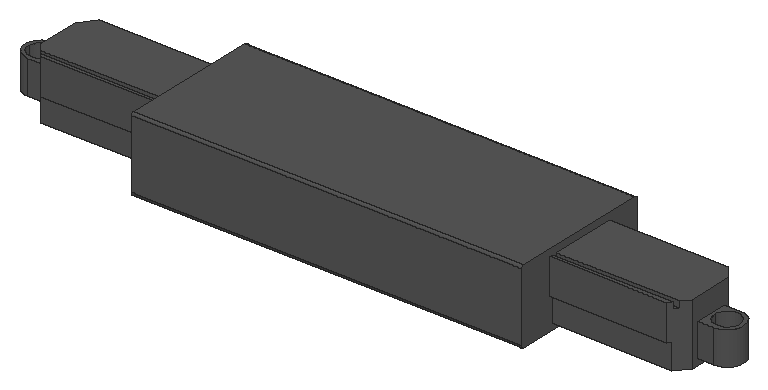
Revit family "Lighting_Other_Nordlux_Link_Double-Adaptor", category Lighting Fixtures, host Face, Revit 2017
Family settings
  Host = Face
  Round Connector Dimension = Use Diameter
  Part Type = Normal
  OmniClass Number = 23.80.70.11.14.21
  OmniClass Title = Spots and Tracklight Specialties
  Cut with Voids When Loaded = No
  Light Source = No
  Shared = No
  Room Calculation Point = No
Parameters (values of type "Link Double Adaptor - black")
  WarrantyStartDate [instance] = "n/a"
  WarrantyGuarantorParts = "n/a"
  WarrantyGuarantorLabor = "n/a"
  WarrantyDurationUnit = "Year"
  WarrantyDurationParts = "n/a"
  WarrantyDurationLabor = "n/a"
  WarrantyDescription = "n/a"
  VersionDate = "29/08/2019"  # constant formula
  Version = "1"  # constant formula
  UsageCurrent = 0 A
  Uniclass2015Reference = "Pr_70_70_48_47"
  Uniclass2015Description = "Lighting tracks"
  Uniclass2 = "Pr_70_70_49_44"
  URL = "https://www.nordlux.com/products/product/79049903"
  Type Comments = ""
  TotalWattage = 0 W
  TagNumber [instance] = "n/a"
  SustainabilityPerformance = "n/a"
  Size = "175x35x18 mm"
  Shape = "Rectangular"
  SerialNumber [instance] = "n/a"
  Revision = "n/a"
  ReplacementCost = "n/a"
  RailMainMaterial = Black
  ProductInformation = "Double power adapter for the electrical connection between two rails."
  Product data url = "https://www.bimobject.com/nordlux/product/link_double_adapt"
  PhaseReference = "n/a"
  PhaseAngle = 0.00°
  NumberOfSources = 0
  NumberOfPoles = 1
  NominalWidth = 174.916 mm
  NominalVoltage = 230 V
  NominalHeight = 18 mm
  NominalFrequencyRange = 0 Hz
  NominalDepth = 35 mm
  NominalCurrent = 0 A
  Name = "Nordlux_Link_Double-Adaptor"
  NBSReference = "90-60-50-430"
  NBSDescription = "Lighting tracks"
  ModelReference = "n/a"
  ModelNumber = ArticleNumber  # "79049903"
  Model = "Link Double Adaptor - black"
  Material = "Plastic"
  ManufacturersSpecificInformation = "n/a"
  ManufacturerURL = "https://www.nordlux.com/"
  ManufacturerName = "Nordlux"
  Manufacturer = "Nordlux"
  MaintenanceFactor = 0
  LightFixturePlacingType = "Ceiling"
  LightFixtureMountingType = "Surface"
  InsulationStandardClass = "Class 1 (Earth contact)"
  InstallationDate [instance] = "n/a"
  IfcExportType = "NOTDEFINED"  # constant formula
  IfcExportAs = "IfcLightFixtureType"  # constant formula
  IP_Code = "IP20"
  HasProtectiveEarth = no
  Grade = "n/a"
  Finish = "n/a"
  Features = "n/a"
  ExpectedLife = "n/a"
  ElectricalDeviceNominalPower = 0 VA
  EAN Number = "5701581357587"
  DurationUnit = "Year"
  Description = "Double power adapter for the electrical connection between two rails."
  Default Elevation = 0 mm
  ConvergoRefNr = "0143-1909-0035-DK"
  Constituents = "n/a"
  Color = "Black"
  CodePerformance = "n/a"
  Category = "Power strip"
  Brand = "Nordlux"
  Barcode [instance] = "n/a"
  BIMObjectName = "Lighting_Other_Nordlux_Link_Double-Adaptor"
  Author = "Convergo AB"  # constant formula
  AssetType = "Fixed"
  AssetIdentifier [instance] = "n/a"
  Assembly Code = ""
  ArticleNumber = "79049903"
  AccessibilityPerformance = "n/a"
Types (3, lengths in mm): name | URL | RailMainMaterial | ModelNumber | Model | EAN Number | Color | ArticleNumber
  (no name) | "https://www.nordlux.com/products/product/79049903" | Black | "79049903" | "Link Double Adaptor - black" | "5701581357587" | "Black" | "79049903"
  Link Double Adaptor - black | "https://www.nordlux.com/products/product/79049903" | Black | "79049903" | "Link Double Adaptor - black" | "5701581357587" | "Black" | "79049903"
  Link Double Adaptor - white | "https://www.nordlux.com/products/product/79049901" | White | "79049901" | "Link Double Adaptor - white" | "5701581357488" | "White" | "79049901"
Reference planes
  plane 1 "Center (Front/Back)": y = 0
  plane 2: z = 0
  plane 3 "Center (Left/Right)": x = 0
  plane 4: x = -87.458
  plane 5: x = 87.458
  plane 6: y = 17.5
  plane 7: y = -17.5
  plane 8: z = 18
Dimensions and locks
  equal spacing: plane 4, plane 3 "Center (Left/Right)", plane 5
  "NominalWidth": plane 4 to plane 5
  equal spacing: plane 6, plane 1 "Center (Front/Back)", plane 7
  "NominalDepth": plane 6 to plane 7
  "NominalHeight": plane 8 to level
  aligned and locked: plane 2 to host face
  aligned and locked: level to host face
Automatic sketch dimensions
  host sketch curve to host sketch curve = 2438.4 mm  (x2)
Nested families
  nested 1: "Double adaptor" at (0, 0, 0), Main <- "RailMainMaterial", type "Double adaptor"
    with Main Black
Definition of nested family "Double adaptor"
  Parameters (values of type "Double adaptor")
    Main [instance] = none
    Default Elevation = 1219.2 mm
  Reference planes
    plane 1 "Center (Front/Back)": y = 0
    plane 2: z = 0
    plane 3 "Center (Left/Right)": x = 0
    plane 4: y = 17.5
    plane 5: y = -17.5
    plane 6: z = 18
    plane 7: x = -87.458
    plane 8: x = 87.458
  Forms (mm)
    Extrusion 1, solid
      sketch origin (0, 0, 0) x (1, 0, 0) y (0, 1, 0)
        loop
          line (-1219.2, 1219.2) -> (-1219.2, -1219.2) -> (1219.2, -1219.2) -> (1219.2, 1219.2) -> (-1219.2, 1219.2)
      from 0 to -304.8
    Extrusion 2, solid, material <- "Main", detail levels medium+fine
      sketch origin (-10.336, -1.251, 0) x (-1, 0, 0) y (0, -1, 0)
        loop
          line (-86.461, -10.5) -> (-57.834, -10.497) -> (-57.834, 7.997) -> (-86.461, 8) -> (-89.695, 4.146) -> (-89.694, -6.647) -> (-86.461, -10.5)
      from 1.528 to 16.5
    Extrusion 3, solid, material <- "Main", detail levels medium+fine
      sketch origin (-10.336, -1.251, 0) x (-1, 0, 0) y (0, -1, 0)
        loop
          line (-89.694, -5.25) -> (-89.694, 2.75) -> (-93.793, 2.75)
          arc (-93.793, 2.75) -> (-97.792, -1.251) -> (-93.792, -5.25) r 4
          line (-93.792, -5.25) -> (-89.694, -5.25)
        loop
          circle (-93.784, -1.251) r 3.132
      from 3.145 to 11.286
    Extrusion 4, void
      sketch origin (-10.336, 0.049, 0) x (0, 1, 0) y (0, 0, -1)
        loop
          line (8.8, -17) -> (9.863, -17) -> (9.863, -13) -> (8.451, -13) -> (8.8, -17)
        loop
          line (-7.344, -15.034) -> (-8.399, -15.034) -> (-8.399, -17.016) -> (-7.344, -17.016) -> (-7.344, -15.034)
        loop
          line (-8.483, -0.82) -> (-9.957, -0.82) -> (-9.957, -7.78) -> (-8.484, -7.78) -> (-8.483, -0.82)
        loop
          line (6.691, -0.997) -> (5.691, -0.997) -> (5.691, -3.001) -> (6.691, -3.001) -> (6.691, -0.997)
      from -122.051 to 5.256
    Extrusion 5, solid, material <- "Main", detail levels coarse
      sketch origin (0, 0, 0) x (1, 0, 0) y (0, 1, 0)
        loop
          line (87.458, 17.5) -> (-87.458, 17.5) -> (-87.458, -17.5) -> (87.458, -17.5) -> (87.458, 17.5)
      from 0 to 18
    Extrusion 6, solid, material <- "Main", detail levels medium+fine
      sketch origin (10.334, -1.251, 0) x (1, 0, 0) y (0, 1, 0)
        loop
          line (-86.461, 10.5) -> (-89.694, 6.647) -> (-89.695, -4.146) -> (-86.461, -8) -> (-57.834, -7.997) -> (-57.834, 10.497) -> (-86.461, 10.5)
      from 1.528 to 16.5
    Extrusion 7, solid, material <- "Main", detail levels medium+fine
      sketch origin (10.334, -1.251, 0) x (1, 0, 0) y (0, 1, 0)
        loop
          line (-89.694, 5.25) -> (-93.792, 5.25)
          arc (-93.792, 5.25) -> (-97.792, 1.251) -> (-93.793, -2.75) r 4
          line (-93.793, -2.75) -> (-89.694, -2.75) -> (-89.694, 5.25)
        loop
          circle (-93.784, 1.251) r 3.132
      from 3.145 to 11.286
    Extrusion 8, void
      sketch origin (10.334, 0.049, 0) x (0, 1, 0) y (0, 0, 1)
        loop
          line (8.8, 17) -> (8.451, 13) -> (9.863, 13) -> (9.863, 17) -> (8.8, 17)
        loop
          line (-7.344, 15.034) -> (-7.344, 17.016) -> (-8.399, 17.016) -> (-8.399, 15.034) -> (-7.344, 15.034)
        loop
          line (-8.483, 0.82) -> (-8.484, 7.78) -> (-9.957, 7.78) -> (-9.957, 0.82) -> (-8.483, 0.82)
        loop
          line (6.691, 0.997) -> (6.691, 3.001) -> (5.691, 3.001) -> (5.691, 0.997) -> (6.691, 0.997)
      from -122.051 to 5.256
    Extrusion 9, solid, material <- "Main", detail levels medium+fine
      sketch origin (0, 0, 0) x (0, 1, 0) y (0, 0, 1)
        loop
          line (16.9, 18) -> (-16.9, 18)
          arc (-16.9, 18) -> (-17.324, 17.824) -> (-17.5, 17.4) r 0.6
          line (-17.5, 17.4) -> (-17.5, 0.6)
          arc (-17.5, 0.6) -> (-17.324, 0.176) -> (-16.9, 0) r 0.6
          line (-16.9, 0) -> (16.9, 0)
          arc (16.9, 0) -> (17.324, 0.176) -> (17.5, 0.6) r 0.6
          line (17.5, 0.6) -> (17.5, 17.4)
          arc (17.5, 17.4) -> (17.324, 17.824) -> (16.9, 18) r 0.6
      from -47.5 to 47.5
  Cuts and joins
    Extrusion 4, Extrusion 8 cuts Extrusion 2
    Extrusion 8 cuts Extrusion 6
  Lines and regions (mm)
    symbolic lines, detail levels medium+fine
      curve 1: line (47.5, -17.5, 0) -> (47.5, -7.193, 0)
      curve 2: line (77.851, -7.193, 0) -> (79.358, -5.396, 0)
      curve 4: line (79.358, -3.999, 0) -> (83.456, -4, 0)
      curve 5: arc (83.456, -4, 0) -> (87.457, 0, 0) -> (83.457, 4, 0) r 4
      curve 6: line (83.457, 4, 0) -> (79.359, 4.001, 0)
      curve 8: line (77.766, 7.295, 0) -> (79.359, 5.397, 0)
      curve 9: line (79.359, 4.001, 0) -> (79.359, 5.397, 0)
      curve 10: line (79.358, -3.999, 0) -> (79.358, -5.396, 0)
      curve 12: line (47.5, 7.295, 0) -> (47.5, 17.5, 0)
      curve 13: line (47.5, -7.193, 0) -> (77.851, -7.193, 0)
      curve 14: line (47.5, 7.295, 0) -> (77.766, 7.295, 0)
      curve 15: line (47.5, 17.5, 0) -> (-47.5, 17.5, 0)
      curve 16: line (-47.5, 17.5, 0) -> (-47.5, -17.5, 0)
      curve 17: line (-47.5, -17.5, 0) -> (47.5, -17.5, 0)
      curve 18: line (0, 17.5, 18) -> (0, -17.5, 18)
      curve 19: line (0, 17.5, 0) -> (0, 17.5, 18)
      curve 20: line (0, -17.5, 0) -> (0, 17.5, 0)
      curve 21: line (0, -17.5, 18) -> (0, -17.5, 0)
      curve 22: line (-47.5, 0, 18) -> (47.5, 0, 18)
      curve 23: line (-47.5, 0, 0) -> (-47.5, 0, 18)
      curve 24: line (47.5, 0, 0) -> (-47.5, 0, 0)
      curve 25: line (47.5, 0, 18) -> (47.5, 0, 0)
      curve 26: line (-77.852, -7.193, 0) -> (-79.359, -5.396, 0)
      curve 28: line (-79.359, -3.999, 0) -> (-83.458, -4, 0)
      curve 29: arc (-83.458, -4, 0) -> (-87.458, 0, 0) -> (-83.458, 4, 0) r 4
      curve 30: line (-83.458, 4, 0) -> (-79.36, 4.001, 0)
      curve 32: line (-77.768, 7.295, 0) -> (-79.36, 5.397, 0)
      curve 33: line (-79.36, 4.001, 0) -> (-79.36, 5.397, 0)
      curve 34: line (-79.359, -3.999, 0) -> (-79.359, -5.396, 0)
      curve 36: line (-47.501, -7.193, 0) -> (-77.852, -7.193, 0)
      curve 37: line (-47.501, 7.295, 0) -> (-77.768, 7.295, 0)
    symbolic lines, detail levels fine
      curve 3: line (79.358, -3.999, 0) -> (79.359, 4.001, 0)
      curve 7: circle (83.448, 0, 0) r 3.132 normal (0, 0, -1)
      curve 11: line (47.5, -7.193, 0) -> (47.5, 7.295, 0)
      curve 27: line (-79.359, -3.999, 0) -> (-79.36, 4.001, 0)
      curve 31: circle (-83.449, 0, 0) r 3.132 normal (0, 0, 1)
      curve 35: line (-47.501, -7.193, 0) -> (-47.501, 7.295, 0)
  Dimensions and locks
    aligned and locked: plane 2 to Extrusion 1
    aligned and locked: level to Extrusion 1
